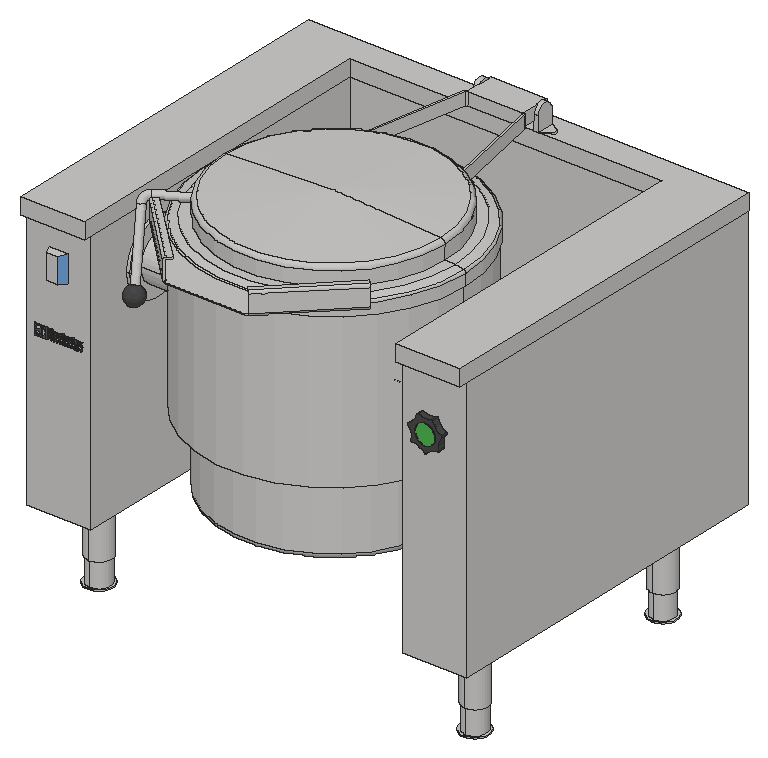
Revit family "QF_ELECTROLUXPROFESSIONAL_587186_PBOT06TCJO", category Attrezzature speciali, Revit 2020 (continued)
Definition of nested family "QF_ELECTROLUXPROFESSIONAL_PBOTSNB900_LEFT"
  Automatic sketch dimensions
    Extrusion 4 sketch curve to plane 3 "Center (Left/Right)" = 0.241 mm
    Extrusion 4 sketch curve to plane 3 "Center (Left/Right)" = 0.412 mm
    Extrusion 4 sketch curve to plane 3 "Center (Left/Right)" = 2.074 mm
    Extrusion 4 sketch curve to Extrusion 4 sketch curve = 1.777 mm
    Extrusion 4 sketch curve to plane 3 "Center (Left/Right)" = 2.704 mm
    Extrusion 4 sketch curve to Extrusion 4 sketch curve = 1.001 mm
    Extrusion 4 sketch curve to Extrusion 4 sketch curve = 1.393 mm  (x2)
    Extrusion 4 sketch curve to Extrusion 4 sketch curve = 2.363 mm
    Extrusion 4 sketch curve to Extrusion 4 sketch curve = 2.253 mm
    Extrusion 4 sketch curve to Extrusion 4 sketch curve = 0.014 mm  (x4)
    Extrusion 4 sketch curve to Extrusion 4 sketch curve = 0.172 mm
    Extrusion 4 sketch curve to Extrusion 4 sketch curve = 0.096 mm
    Extrusion 4 sketch curve to Extrusion 4 sketch curve = 0.164 mm
    Extrusion 4 sketch curve to Extrusion 4 sketch curve = 0.298 mm
    Extrusion 4 sketch curve to Extrusion 4 sketch curve = 0.247 mm
    Extrusion 4 sketch curve to Extrusion 4 sketch curve = 0.084 mm
    Extrusion 4 sketch curve to Extrusion 4 sketch curve = 6.484 mm
    Extrusion 4 sketch curve to Extrusion 4 sketch curve = 2.596 mm
    Extrusion 4 sketch curve to Extrusion 4 sketch curve = 0.059 mm  (x2)
    Extrusion 4 sketch curve to Extrusion 4 sketch curve = 3.889 mm
    Extrusion 4 sketch curve to Extrusion 4 sketch curve = 6.029 mm
    Extrusion 4 sketch curve to Extrusion 4 sketch curve = 0.929 mm
    Extrusion 4 sketch curve to Extrusion 4 sketch curve = 1.102 mm
    Extrusion 4 sketch curve to Extrusion 4 sketch curve = 0.756 mm  (x2)
    Extrusion 4 sketch curve to Extrusion 4 sketch curve = 0.852 mm
    Extrusion 4 sketch curve to Extrusion 4 sketch curve = 0.108 mm
    Extrusion 4 sketch curve to Extrusion 4 sketch curve = 0.101 mm
    Extrusion 4 sketch curve to Extrusion 4 sketch curve = 0.072 mm
    Extrusion 4 sketch curve to Extrusion 4 sketch curve = 1.67 mm
    Extrusion 4 sketch curve to Extrusion 4 sketch curve = 1.834 mm
    Extrusion 4 sketch curve to Extrusion 4 sketch curve = 0.366 mm
    Extrusion 4 sketch curve to Extrusion 4 sketch curve = 0.993 mm
    Extrusion 4 sketch curve to Extrusion 4 sketch curve = 0.81 mm
    Extrusion 4 sketch curve to Extrusion 4 sketch curve = 1.026 mm  (x2)
    Extrusion 4 sketch curve to Extrusion 4 sketch curve = 4.272 mm
    Extrusion 4 sketch curve to Extrusion 4 sketch curve = 0.163 mm
    Extrusion 4 sketch curve to Extrusion 4 sketch curve = 0.551 mm
    plane 14 to Extrusion 4 sketch curve = 6.023 mm
    Extrusion 4 sketch curve to Extrusion 4 sketch curve = 1.451 mm
    plane 14 to Extrusion 4 sketch curve = 5.28 mm
    Extrusion 4 sketch curve to Extrusion 4 sketch curve = 0.045 mm  (x2)
    Extrusion 4 sketch curve to Extrusion 4 sketch curve = 0.241 mm
    Extrusion 4 sketch curve to Extrusion 4 sketch curve = 0.039 mm
    Extrusion 4 sketch curve to Extrusion 4 sketch curve = 1.134 mm
    Extrusion 4 sketch curve to Extrusion 4 sketch curve = 2.351 mm
    Extrusion 4 sketch curve to plane 14 = 0.874 mm
    Extrusion 4 sketch curve to Extrusion 4 sketch curve = 10.128 mm
    Extrusion 4 sketch curve to Extrusion 4 sketch curve = 0.956 mm
    Extrusion 4 sketch curve to Extrusion 4 sketch curve = 1.263 mm
    Extrusion 4 sketch curve to Extrusion 4 sketch curve = 2.577 mm
    Extrusion 4 sketch curve to Extrusion 4 sketch curve = 0.243 mm
    Extrusion 4 sketch curve to Extrusion 4 sketch curve = 0.031 mm
    Extrusion 4 sketch curve to Extrusion 4 sketch curve = 7.148 mm
    Extrusion 4 sketch curve to Extrusion 4 sketch curve = 1.502 mm
    Extrusion 4 sketch curve to Extrusion 4 sketch curve = 11.54 mm
    Extrusion 4 sketch curve to Extrusion 4 sketch curve = 11.758 mm
    Extrusion 4 sketch curve to Extrusion 4 sketch curve = 4.097 mm
    Extrusion 4 sketch curve to Extrusion 4 sketch curve = 0.011 mm
    Extrusion 4 sketch curve to Extrusion 4 sketch curve = 4.488 mm
    plane 18 "CHW" to Extrusion 4 sketch curve = 191.223 mm
    Extrusion 4 sketch curve to Extrusion 4 sketch curve = 3.444 mm  (x2)
    Extrusion 4 sketch curve to Extrusion 4 sketch curve = 3.777 mm
    Extrusion 4 sketch curve to Extrusion 4 sketch curve = 1.093 mm
    Extrusion 4 sketch curve to Extrusion 4 sketch curve = 1.192 mm
    Extrusion 4 sketch curve to Extrusion 4 sketch curve = 0.319 mm
    Extrusion 4 sketch curve to Extrusion 4 sketch curve = 5.798 mm
    Extrusion 4 sketch curve to Extrusion 4 sketch curve = 2.021 mm
    Extrusion 4 sketch curve to Extrusion 4 sketch curve = 2.357 mm  (x3)
    Extrusion 4 sketch curve to Extrusion 4 sketch curve = 0.892 mm  (x3)
    Extrusion 4 sketch curve to Extrusion 4 sketch curve = 1.018 mm
    Extrusion 4 sketch curve to Extrusion 4 sketch curve = 3.382 mm  (x2)
    Extrusion 4 sketch curve to Extrusion 4 sketch curve = 2.117 mm
    Extrusion 4 sketch curve to Extrusion 4 sketch curve = 0.195 mm  (x2)
    Extrusion 4 sketch curve to Extrusion 4 sketch curve = 0.295 mm  (x2)
    Extrusion 4 sketch curve to Extrusion 4 sketch curve = 0.618 mm
    Extrusion 4 sketch curve to Extrusion 4 sketch curve = 0.385 mm  (x2)
    Extrusion 4 sketch curve to Extrusion 4 sketch curve = 1.626 mm  (x2)
    Extrusion 4 sketch curve to Extrusion 4 sketch curve = 1.65 mm
    Extrusion 4 sketch curve to Extrusion 4 sketch curve = 1.662 mm
    Extrusion 4 sketch curve to Extrusion 4 sketch curve = 0.013 mm  (x2)
    Extrusion 4 sketch curve to Extrusion 4 sketch curve = 0.292 mm
    Extrusion 4 sketch curve to Extrusion 4 sketch curve = 0.107 mm  (x2)
    Extrusion 4 sketch curve to Extrusion 4 sketch curve = 0.068 mm  (x2)
    Extrusion 4 sketch curve to Extrusion 4 sketch curve = 0.968 mm
    Extrusion 4 sketch curve to Extrusion 4 sketch curve = 0.365 mm
    Extrusion 4 sketch curve to Extrusion 4 sketch curve = 2.361 mm
    Extrusion 4 sketch curve to Extrusion 4 sketch curve = 2.359 mm
    Extrusion 4 sketch curve to Extrusion 4 sketch curve = 0.531 mm  (x2)
    Extrusion 4 sketch curve to Extrusion 4 sketch curve = 0.928 mm  (x2)
    Extrusion 4 sketch curve to Extrusion 4 sketch curve = 1.058 mm
    Extrusion 4 sketch curve to Extrusion 4 sketch curve = 0.297 mm  (x2)
    Extrusion 4 sketch curve to Extrusion 4 sketch curve = 0.155 mm  (x2)
    Extrusion 4 sketch curve to Extrusion 4 sketch curve = 1.305 mm
    Extrusion 4 sketch curve to Extrusion 4 sketch curve = 1.037 mm
    Extrusion 4 sketch curve to Extrusion 4 sketch curve = 0.182 mm  (x2)
    Extrusion 4 sketch curve to Extrusion 4 sketch curve = 0.607 mm  (x2)
    Extrusion 4 sketch curve to Extrusion 4 sketch curve = 0.304 mm  (x2)
    Extrusion 4 sketch curve to Extrusion 4 sketch curve = 0.372 mm  (x2)
    Extrusion 4 sketch curve to Extrusion 4 sketch curve = 0.016 mm  (x2)
    Extrusion 4 sketch curve to Extrusion 4 sketch curve = 0.996 mm
    Extrusion 4 sketch curve to Extrusion 4 sketch curve = 0.93 mm
    Extrusion 4 sketch curve to Extrusion 4 sketch curve = 0.709 mm  (x2)
    Extrusion 4 sketch curve to Extrusion 4 sketch curve = 1.752 mm
    Extrusion 4 sketch curve to Extrusion 4 sketch curve = 1.017 mm
    Extrusion 4 sketch curve to Extrusion 4 sketch curve = 4.718 mm
    Extrusion 4 sketch curve to Extrusion 4 sketch curve = 0.891 mm
    Extrusion 4 sketch curve to Extrusion 4 sketch curve = 3.826 mm
    Extrusion 4 sketch curve to Extrusion 4 sketch curve = 1.696 mm
    Extrusion 4 sketch curve to Extrusion 4 sketch curve = 0.954 mm
    Extrusion 4 sketch curve to Extrusion 4 sketch curve = 5.576 mm
    Extrusion 4 sketch curve to Extrusion 4 sketch curve = 5.657 mm  (x2)
    Extrusion 4 sketch curve to Extrusion 4 sketch curve = 5.661 mm  (x2)
    Extrusion 4 sketch curve to Extrusion 4 sketch curve = 0.006 mm
    Extrusion 4 sketch curve to Extrusion 4 sketch curve = 1.499 mm
    Extrusion 4 sketch curve to Extrusion 4 sketch curve = 7.186 mm
    Extrusion 4 sketch curve to Extrusion 4 sketch curve = 2.203 mm
    Extrusion 4 sketch curve to Extrusion 4 sketch curve = 2.21 mm
    Extrusion 4 sketch curve to Extrusion 4 sketch curve = 1.607 mm
    Extrusion 4 sketch curve to Extrusion 4 sketch curve = 3.479 mm
    Extrusion 4 sketch curve to Extrusion 4 sketch curve = 3.92 mm
    Extrusion 4 sketch curve to Extrusion 4 sketch curve = 0.05 mm
    Extrusion 4 sketch curve to Extrusion 4 sketch curve = 1.776 mm
    Extrusion 4 sketch curve to Extrusion 4 sketch curve = 4.017 mm
    Extrusion 4 sketch curve to Extrusion 4 sketch curve = 0.196 mm  (x2)
    Extrusion 4 sketch curve to Extrusion 4 sketch curve = 0.19 mm
    Extrusion 4 sketch curve to Extrusion 4 sketch curve = 1.312 mm
    Extrusion 4 sketch curve to Extrusion 4 sketch curve = 0.146 mm
    Extrusion 4 sketch curve to Extrusion 4 sketch curve = 2.831 mm
    Extrusion 4 sketch curve to Extrusion 4 sketch curve = 0.387 mm
    Extrusion 4 sketch curve to Extrusion 4 sketch curve = 0.174 mm
    Extrusion 4 sketch curve to Extrusion 4 sketch curve = 4.623 mm
    Extrusion 4 sketch curve to Extrusion 4 sketch curve = 1.754 mm
    Extrusion 4 sketch curve to Extrusion 4 sketch curve = 0.188 mm
    Extrusion 4 sketch curve to Extrusion 4 sketch curve = 0.02 mm
    Extrusion 4 sketch curve to Extrusion 4 sketch curve = 0.313 mm
    Extrusion 4 sketch curve to Extrusion 4 sketch curve = 0.12 mm
    Extrusion 4 sketch curve to Extrusion 4 sketch curve = 0.062 mm
    Extrusion 4 sketch curve to Extrusion 4 sketch curve = 0.568 mm
    Extrusion 4 sketch curve to Extrusion 4 sketch curve = 1.763 mm
    Extrusion 4 sketch curve to Extrusion 4 sketch curve = 0.095 mm
    Extrusion 4 sketch curve to Extrusion 4 sketch curve = 1.817 mm
    Extrusion 4 sketch curve to Extrusion 4 sketch curve = 0.357 mm
    Extrusion 4 sketch curve to Extrusion 4 sketch curve = 0.008 mm
    Extrusion 4 sketch curve to Extrusion 4 sketch curve = 0.36 mm
    Extrusion 4 sketch curve to Extrusion 4 sketch curve = 3.784 mm
    Extrusion 4 sketch curve to Extrusion 4 sketch curve = 1.654 mm
    Extrusion 4 sketch curve to Extrusion 4 sketch curve = 1.454 mm
    Extrusion 4 sketch curve to Extrusion 4 sketch curve = 1.705 mm
    Extrusion 4 sketch curve to Extrusion 4 sketch curve = 1.893 mm
    Extrusion 4 sketch curve to Extrusion 4 sketch curve = 3.429 mm
    Extrusion 4 sketch curve to Extrusion 4 sketch curve = 1.094 mm
    Extrusion 4 sketch curve to Extrusion 4 sketch curve = 2.218 mm
    Extrusion 4 sketch curve to Extrusion 4 sketch curve = 1.404 mm
    Extrusion 4 sketch curve to Extrusion 4 sketch curve = 5.763 mm
    Extrusion 4 sketch curve to Extrusion 4 sketch curve = 2.932 mm  (x2)
    Extrusion 4 sketch curve to Extrusion 4 sketch curve = 5.959 mm
    Extrusion 4 sketch curve to Extrusion 4 sketch curve = 1.424 mm
    Extrusion 4 sketch curve to Extrusion 4 sketch curve = 3.23 mm
    Extrusion 4 sketch curve to Extrusion 4 sketch curve = 1.975 mm
    Extrusion 4 sketch curve to Extrusion 4 sketch curve = 3.779 mm
    Extrusion 4 sketch curve to Extrusion 4 sketch curve = 2.212 mm
    Extrusion 4 sketch curve to Extrusion 4 sketch curve = 3.78 mm
    Extrusion 4 sketch curve to Extrusion 4 sketch curve = 1.279 mm
    Extrusion 4 sketch curve to Extrusion 4 sketch curve = 1.343 mm  (x2)
    Extrusion 4 sketch curve to Extrusion 4 sketch curve = 1.353 mm  (x2)
    Extrusion 4 sketch curve to Extrusion 4 sketch curve = 0.027 mm  (x2)
    Extrusion 4 sketch curve to Extrusion 4 sketch curve = 0.395 mm  (x2)
    Extrusion 4 sketch curve to Extrusion 4 sketch curve = 0.329 mm  (x2)
    Extrusion 4 sketch curve to Extrusion 4 sketch curve = 0.425 mm  (x2)
    Extrusion 4 sketch curve to Extrusion 4 sketch curve = 0.051 mm  (x2)
    Extrusion 4 sketch curve to Extrusion 4 sketch curve = 0.495 mm  (x2)
    Extrusion 4 sketch curve to Extrusion 4 sketch curve = 0.267 mm  (x2)
    Extrusion 4 sketch curve to Extrusion 4 sketch curve = 1.4 mm
    Extrusion 4 sketch curve to Extrusion 4 sketch curve = 5.233 mm
    Extrusion 4 sketch curve to Extrusion 4 sketch curve = 2.062 mm
    Extrusion 5 sketch curve to plane 13 "HW_CW" = 0.0 mm  (x2)
    Extrusion 5 sketch curve to plane 15 = 0.0 mm
    Extrusion 5 sketch curve to plane 14 = 0.0 mm
    Extrusion 6 sketch curve to plane 3 "Center (Left/Right)" = 0.0 mm
    Extrusion 6 sketch curve to plane 16 "SteamO" = 0.0 mm
    Extrusion 7 sketch curve to plane 3 "Center (Left/Right)" = 0.0 mm
    Extrusion 7 sketch curve to plane 17 "STEAM" = 0.0 mm
    radius of Extrusion 2 sketch curve = 6.35 mm  (x2)
    radius of Extrusion 4 sketch curve = 2.453 mm
    radius of Extrusion 4 sketch curve = 1.557 mm
    radius of Extrusion 4 sketch curve = 1.468 mm
    radius of Extrusion 4 sketch curve = 2.451 mm
    radius of Extrusion 5 sketch curve = 5.0 mm  (x2)
    radius of Extrusion 6 sketch curve = 12.7 mm
    radius of Extrusion 7 sketch curve = 12.7 mm
Definition of nested family "QF_ELECTROLUXPROFESSIONAL_PBOTSMAN900_RIGHT"
  Parameters
    Width = 160.0 mm
    Steam_z = 140.0 mm
    Steam_y = 239.0 mm
    Right = Width / 2  # 80.0 mm
    Default Elevation = 0.0 mm
    Left = -Width / 2  # -80.0 mm
    Htop = 40.0 mm
    Height = 900.0 mm
    H_Man = 730.0 mm
    HBase = 200.0 mm
    EI_z = 250.0 mm
    EI_y = 312.0 mm
    Depth = 900.0 mm
    BorderFront = 20.0 mm
    Body Finish [instance] = none
  Reference planes
    plane 1 "Center (Front/Back)": y = 0
    plane 2: z = 0
    plane 3 "Center (Left/Right)": x = 0
    plane 4 "LEFT": x = -80
    plane 5 "RIGHT": x = 80
    plane 6 "BACK": y = 450
    plane 7 "FRONT": y = -450
    plane 8 "Base": z = 200
    plane 9 "TOP": z = 900
    plane 10 "BorderFront": y = -430
    plane 11: z = 860
    plane 12 "EI": z = 450
    plane 13: y = 138
    plane 14 "STEAM_y": y = 211
    plane 15 "Steam_z": z = 340
    plane 16: z = 730
  Forms (mm)
    Extrusion 1, solid
      sketch origin (0, 0, 0) x (1, 0, 0) y (0, 1, 0)
        loop
          line (-80, 450) -> (-80, -430) -> (80, -430) -> (80, 450) -> (-80, 450)
      from 860 to 200
    Extrusion 2, solid
      sketch origin (0, -430, 0) x (-1, 0, 0) y (0, 0, 1)
        loop
          circle (0, 730) r 20
      from 0 to -15
    Extrusion 3, solid
      sketch origin (0, 450, 0) x (-1, 0, 0) y (0, 0, 1)
        loop
          circle (0, 450) r 5
      from 0 to 2
    Extrusion 4, solid
      sketch origin (0, 0, 200) x (0, 1, 0) y (-1, 0, 0)
        loop
          circle (138, 0) r 10
      from 0 to -3
    Extrusion 5, solid
      sketch origin (0, 0, 200) x (0, 1, 0) y (-1, 0, 0)
        loop
          circle (211, 0) r 12.7
      from 0 to -3
    Extrusion 6, solid
      sketch origin (0, 450, 0) x (-1, 0, 0) y (0, 0, 1)
        loop
          circle (0, 340) r 12.7
      from 0 to 3
    Extrusion 7, solid
      sketch origin (0, -430, 0) x (-1, 0, 0) y (0, 0, 1)
        loop
          circle (0, 730) r 25
        loop
          arc (32.154, 702.068) -> (34.039, 703.003) -> (34.542, 705.047) r 2.5
          arc (34.542, 705.047) -> (34.866, 722.153) -> (42.205, 737.608) r 40.622
          arc (42.205, 737.608) -> (42.662, 739.682) -> (41.359, 741.359) r 2.5
          arc (41.359, 741.359) -> (27.929, 752.374) -> (20.328, 767.992) r 40.622
          arc (20.328, 767.992) -> (18.977, 769.659) -> (16.832, 769.665) r 2.5
          arc (16.832, 769.665) -> (-0.034, 765.787) -> (-16.984, 769.281) r 40.622
          arc (-16.984, 769.281) -> (-19.093, 769.244) -> (-20.423, 767.608) r 2.5
          arc (-20.423, 767.608) -> (-28.052, 752.219) -> (-41.359, 741.359) r 40.622
          arc (-41.359, 741.359) -> (-42.662, 739.682) -> (-42.205, 737.608) r 2.5
          arc (-42.205, 737.608) -> (-34.866, 722.153) -> (-34.542, 705.047) r 40.622
          arc (-34.542, 705.047) -> (-34.039, 703.003) -> (-32.154, 702.068) r 2.5
          arc (-32.154, 702.068) -> (-15.447, 697.989) -> (-1.926, 687.362) r 40.622
          arc (-1.926, 687.362) -> (0, 686.456) -> (1.926, 687.362) r 2.5
          arc (1.926, 687.362) -> (15.447, 697.989) -> (32.154, 702.068) r 40.622
      from -15 to -30
    Extrusion 8, solid
      sketch origin (0, -430, 0) x (-1, 0, 0) y (0, 0, 1)
        loop
          circle (0, 730) r 25
      from -30 to -15
  Lines and regions (mm)
    symbolic lines
      curve 1: line (-80, 450, 0) -> (80, 450, 0)
      curve 2: line (80, 450, 0) -> (80, -430, 0)
  Dimensions and locks
    "Width": plane 4 "LEFT" to plane 5 "RIGHT"
    equal spacing: plane 4 "LEFT", plane 3 "Center (Left/Right)", plane 5 "RIGHT"
    equal spacing: plane 6 "BACK", plane 1 "Center (Front/Back)", plane 7 "FRONT"
    "Depth": plane 6 "BACK" to plane 7 "FRONT"
    "BorderFront": plane 10 "BorderFront" to plane 7 "FRONT"
    "Htop": plane 9 "TOP" to plane 11
    "Height": plane 9 "TOP" to level
    "HBase": plane 8 "Base" to level
    "EI_y": plane 6 "BACK" to plane 13
    "EI_z": plane 12 "EI" to plane 8 "Base"
    "Steam_y": plane 6 "BACK" to plane 14 "STEAM_y"
    plane 15 "Steam_z" to plane 8 "Base" = 140.0 mm
    "H_Man": plane 16 to level
    aligned and locked: level to plane 2
    aligned and locked: plane 10 "BorderFront" to Extrusion 1 sketch curve
    aligned and locked: plane 11 to Extrusion 1
    aligned and locked: Extrusion 1 to plane 8 "Base"
    aligned and locked: plane 4 "LEFT" to Extrusion 1 sketch curve
    aligned and locked: Extrusion 1 sketch curve to plane 5 "RIGHT"
    aligned and locked: Extrusion 1 sketch curve to plane 6 "BACK"
  Automatic sketch dimensions
    Extrusion 3 sketch curve to plane 3 "Center (Left/Right)" = 0.0 mm
    Extrusion 3 sketch curve to plane 12 "EI" = 0.0 mm
    curve 1 to plane 4 "LEFT" = 0.0 mm
    curve 1 to plane 5 "RIGHT" = 0.0 mm
    curve 2 to plane 10 "BorderFront" = 0.0 mm
    curve 1 to plane 6 "BACK" = 0.0 mm
    Extrusion 4 sketch curve to plane 3 "Center (Left/Right)" = 0.0 mm
    Extrusion 4 sketch curve to plane 13 = 0.0 mm
    Extrusion 5 sketch curve to plane 3 "Center (Left/Right)" = 0.0 mm
    Extrusion 5 sketch curve to plane 14 "STEAM_y" = 0.0 mm
    Extrusion 6 sketch curve to plane 3 "Center (Left/Right)" = 0.0 mm
    Extrusion 6 sketch curve to plane 15 "Steam_z" = 0.0 mm
    Extrusion 2 sketch curve to plane 3 "Center (Left/Right)" = 0.0 mm
    Extrusion 2 sketch curve to plane 16 = 0.0 mm
    Extrusion 7 sketch curve to plane 3 "Center (Left/Right)" = 0.0 mm  (x2)
    Extrusion 7 sketch curve to plane 16 = 0.0 mm
    plane 3 "Center (Left/Right)" to Extrusion 7 sketch curve = 0.496 mm
    plane 3 "Center (Left/Right)" to Extrusion 7 sketch curve = 17.999 mm
    plane 3 "Center (Left/Right)" to Extrusion 7 sketch curve = 32.088 mm
    plane 3 "Center (Left/Right)" to Extrusion 7 sketch curve = 33.218 mm
    plane 16 to Extrusion 7 sketch curve = 9.132 mm  (x2)
    Extrusion 7 sketch curve to Extrusion 7 sketch curve = 8.135 mm  (x2)
    Extrusion 7 sketch curve to plane 5 "RIGHT" = 20.191 mm
    Extrusion 7 sketch curve to plane 5 "RIGHT" = 5.593 mm
    Extrusion 7 sketch curve to plane 3 "Center (Left/Right)" = 17.898 mm
    Extrusion 7 sketch curve to plane 3 "Center (Left/Right)" = 32.088 mm
    Extrusion 7 sketch curve to plane 3 "Center (Left/Right)" = 33.218 mm
    plane 4 "LEFT" to Extrusion 7 sketch curve = 20.191 mm
    plane 4 "LEFT" to Extrusion 7 sketch curve = 5.593 mm
    Extrusion 7 sketch curve to plane 16 = 17.153 mm  (x2)
    Extrusion 7 sketch curve to plane 16 = 25.433 mm  (x2)
    Extrusion 7 sketch curve to Extrusion 7 sketch curve = 15.61 mm
    Extrusion 7 sketch curve to Extrusion 7 sketch curve = 27.496 mm
    Extrusion 7 sketch curve to Extrusion 7 sketch curve = 27.864 mm
    Extrusion 7 sketch curve to Extrusion 7 sketch curve = 0.408 mm
    Extrusion 7 sketch curve to Extrusion 7 sketch curve = 10.145 mm
    plane 3 "Center (Left/Right)" to Extrusion 7 sketch curve = 1.926 mm
    Extrusion 7 sketch curve to Extrusion 7 sketch curve = 0.0 mm  (x13)
    Extrusion 7 sketch curve to Extrusion 7 sketch curve = 1.015 mm
    Extrusion 7 sketch curve to Extrusion 7 sketch curve = 1.136 mm
    Extrusion 7 sketch curve to Extrusion 7 sketch curve = 1.982 mm
    Extrusion 8 sketch curve to plane 3 "Center (Left/Right)" = 0.0 mm
    Extrusion 8 sketch curve to plane 16 = 0.0 mm
    radius of Extrusion 3 sketch curve = 5.0 mm
    radius of Extrusion 4 sketch curve = 10.0 mm
    radius of Extrusion 5 sketch curve = 12.7 mm
    radius of Extrusion 6 sketch curve = 12.7 mm
    radius of Extrusion 2 sketch curve = 20.0 mm
    radius of Extrusion 7 sketch curve = 25.0 mm
    radius of Extrusion 8 sketch curve = 25.0 mm
Definition of nested family "QF_ELECTROLUXPROFESSIONAL_2FEET_THL_120xH200"
  Parameters
    Width = 120.0 mm
    Right = Width / 2  # 60.0 mm
    Default Elevation = 0.0 mm
    Left = -Width / 2  # -60.0 mm
    Height = 200.0 mm
    HBase = Height - 15.0 mm  # 185.0 mm
    Depth = 880.0 mm
  Reference planes
    plane 1 "Center (Front/Back)": y = 0
    plane 2: z = 0
    plane 3 "Center (Left/Right)": x = 0
    plane 4 "LEFT": x = -60
    plane 5 "RIGHT": x = 60
    plane 6 "BACK": y = 440
    plane 7 "FRONT": y = -440
    plane 8 "Base": z = 185
    plane 9 "TOP": z = 200
    plane 10: y = 283
    plane 11: y = -304
    plane 12: y = 368
    plane 13: y = -388
    plane 14: x = -80
  Forms (mm)
    Extrusion 1, solid
      sketch origin (0, 0, 200) x (0, 1, 0) y (-1, 0, 0)
        loop
          line (368, 60) -> (-388, 60) -> (-388, -60) -> (368, -60) -> (368, 60)
      from 0 to -15
    Revolve 2, solid
      sketch origin (0, 0, 0) x (0, 1, 0) y (0, 0, 1)
        loop
          line (283, 0) -> (318, 0) -> (318, 2) -> (311.179, 2) -> (311.179, 63) -> (314.75, 63) -> (314.75, 185) -> (283, 185) -> (283, 0)
        axis (283, 185) -> (283, 0)
      angle from 0 to 360
    Revolve 3, solid
      sketch origin (0, 0, 0) x (0, 1, 0) y (0, 0, 1)
        loop
          line (-304, 185) -> (-304, 0) -> (-269, 0) -> (-269, 2) -> (-275.821, 2) -> (-275.821, 63) -> (-272.25, 63) -> (-272.25, 185) -> (-304, 185)
        axis (-304, 185) -> (-304, 0)
      angle from 0 to 360
  Dimensions and locks
    "Width": plane 4 "LEFT" to plane 5 "RIGHT"
    equal spacing: plane 4 "LEFT", plane 3 "Center (Left/Right)", plane 5 "RIGHT"
    equal spacing: plane 6 "BACK", plane 1 "Center (Front/Back)", plane 7 "FRONT"
    "Depth": plane 6 "BACK" to plane 7 "FRONT"
    "HBase": plane 8 "Base" to level
    "Height": plane 9 "TOP" to level
    locked: plane 6 "BACK" to plane 10 at 157
    locked: plane 10 to plane 11 at 587
    plane 6 "BACK" to plane 12 = 72.0 mm
    plane 13 to plane 7 "FRONT" = 52.0 mm
    plane 12 to plane 13 = 756.0 mm
    plane 14 to plane 3 "Center (Left/Right)" = 80.0 mm
    aligned and locked: level to plane 2
    aligned and locked: Extrusion 1 sketch curve to plane 5 "RIGHT"
    aligned and locked: plane 4 "LEFT" to Extrusion 1 sketch curve
    aligned and locked: Extrusion 1 to plane 8 "Base"
    aligned and locked: Extrusion 1 sketch curve to plane 12
    aligned and locked: plane 13 to Extrusion 1 sketch curve
  Automatic sketch dimensions
    Revolve 2 sketch curve to level = 0.0 mm
    Revolve 2 sketch curve to plane 10 = 0.0 mm  (x2)
    Revolve 2 sketch curve to plane 8 "Base" = 0.0 mm
    plane 10 to Revolve 2 sketch curve = 28.179 mm
    Revolve 2 sketch curve to Revolve 2 sketch curve = 31.75 mm
    Revolve 2 sketch curve to Revolve 2 sketch curve = 6.821 mm
    level to Revolve 2 sketch curve = 2.0 mm
    Revolve 2 sketch curve to Revolve 2 sketch curve = 61.0 mm
    Revolve 2 sketch curve to level = 50.0 mm
    plane 9 "TOP" to Revolve 2 sketch curve = 70.0 mm
    Revolve 3 sketch curve to plane 11 = 0.0 mm
    Revolve 3 sketch curve to level = 0.0 mm
    Revolve 3 sketch curve to plane 10 = 587.0 mm
    Revolve 3 sketch curve to plane 8 "Base" = 0.0 mm
    Revolve 3 sketch curve to plane 10 = 558.821 mm
    Revolve 3 sketch curve to Revolve 3 sketch curve = 3.571 mm
    Revolve 3 sketch curve to Revolve 3 sketch curve = 6.821 mm
    level to Revolve 3 sketch curve = 2.0 mm
    Revolve 3 sketch curve to Revolve 3 sketch curve = 61.0 mm
    Revolve 3 sketch curve to level = 180.0 mm
    plane 9 "TOP" to Revolve 3 sketch curve = 205.0 mm
Definition of nested family "QF_ELECTROLUXPROFESSIONAL_PBOT900_LEVEL1"
  Parameters
    Default Elevation = 0.0 mm
    Assembly Code = ""
  Reference planes
    plane 1 "Center (Front/Back)": y = 0
    plane 2: z = 0
    plane 3 "Center (Left/Right)": x = 0
  Forms (mm)
    Sweep 1, solid
      path origin (0, 0, 0) x (1, 0, 0) y (0, 0.5, 0.866025)
        loop
          line (0, 0) -> (-80, 0)
          arc (-80, 0) -> (-94.142, -5.858) -> (-100, -20) r 20
          line (-100, -20) -> (-100, -200)
      profile origin (-40, 0, 0) x (0, -0.5, -0.866025) y (0, -0.866025, 0.5)
        loop
          circle (0, 0) r 9
    Revolve 2, solid
      sketch origin (-20, 0, 0) x (1, 0, 0) y (0, 0.5, 0.866025)
        loop
          arc (-57.5, -200) -> (-80, -177.5) -> (-102.5, -200) r 22.5
          line (-102.5, -200) -> (-57.5, -200)
        axis (-102.5, -200) -> (-57.5, -200)
      angle from 0 to 360
  Lines and regions (mm)
    symbolic lines
      curve 1: line (0, -9, 0) -> (-80, -9, 0)
      curve 2: line (0, 9, 0) -> (-80, 9, 0)
      curve 3: line (-91, -80, 0) -> (-91, -15, 0)
      curve 4: line (-109, -80, 0) -> (-109, -10, 0)
      curve 5: arc (-109, -10, 0) -> (-97.335, 3.827, 0) -> (-80, 9, 0) r 31.632
      curve 6: arc (-91, -15, 0) -> (-86.265, -10.598, 0) -> (-80, -9, 0) r 13.083
      curve 7: spline (-77.953, -100, 0) -> (-78.704, -94.175, 0) -> (-80.907, -88.747, 0) -> (-84.41, -84.087, 0) -> (-88.977, -80.51, 0) -> (-94.294, -78.262, 0) -> (-100, -77.495, 0) -> (-105.706, -78.262, 0) -> (-111.023, -80.51, 0) -> (-115.59, -84.087, 0) -> (-119.093, -88.747, 0) -> (-121.296, -94.175, 0) -> (-122.047, -100, 0) -> (-121.296, -105.825, 0) -> (-119.093, -111.253, 0) -> (-115.59, -115.913, 0) -> (-111.023, -119.49, 0) -> (-105.706, -121.738, 0) -> (-100, -122.505, 0) -> (-94.294, -121.738, 0) -> (-88.977, -119.49, 0) -> (-84.41, -115.913, 0) -> (-80.907, -111.253, 0) -> (-78.704, -105.825, 0) -> (-77.953, -100, 0)
  Dimensions and locks
    aligned and locked: level to plane 2
